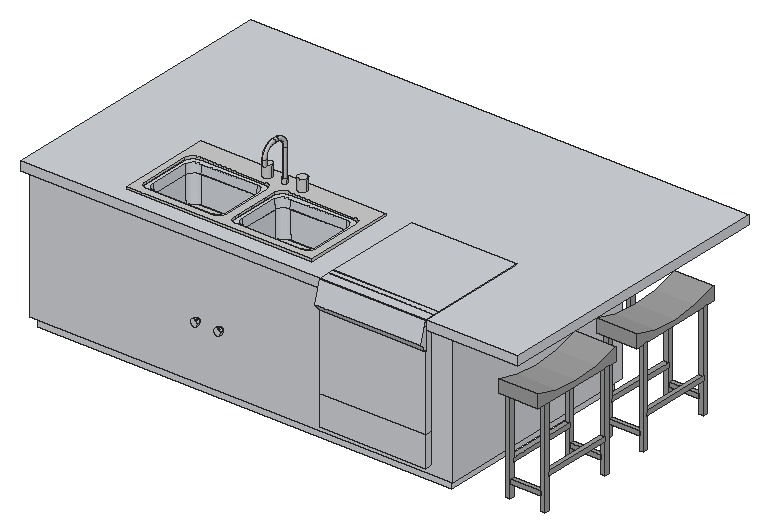
Revit family
Parameters (values of type "8'x4'")
  Depth = 4' - 0"
  Height = 3' - 0"
  Width = 8' - 0"
  Assembly Code = ""
Reference planes (in)
  plane 1 "Back": y = 0
  plane 2: z = 0
  plane 3 "Center (Left/Right)": x = 0.7377
  plane 4 "Left": x = -47.2623
  plane 5 "Right": x = 48.7377
  plane 6 "Front": y = -48
  plane 7 "Top": z = 36
  plane 8: x = -22.2623
Forms (in)
  Extrusion 1, solid
    sketch origin (0, 0, 0) x (1, 0, 0) y (0, 1, 0)
      loop
        line (-47.2623, 0) -> (-47.2623, -48) -> (48.7377, -48) -> (48.7377, 0) -> (-47.2623, 0)
    from 0 to 32
  Extrusion 2, solid
    sketch origin (0, -9, 0) x (1, 0, 0) y (0, 1, 0)
      loop
        line (-48.2623, 25) -> (-48.2623, -40.40625) -> (64.7377, -40.40625) -> (64.7377, 25) -> (-48.2623, 25)
    from 32 to 34
  Extrusion 3, void
    sketch origin (0, 0, 0) x (1, 0, 0) y (0, 1, 0)
      loop
        line (-47.2623, 0) -> (-47.2623, -48) -> (48.7377, -48) -> (48.7377, 0) -> (-47.2623, 0)
      loop
        line (-46.2623, -1) -> (-46.2623, -47) -> (47.7377, -47) -> (47.7377, -1) -> (-46.2623, -1)
    from 0 to 2
  Extrusion 4, void
    sketch origin (16, -24.25, 0) x (1, 0, 0) y (0, 0, 1)
      loop
        line (-44.2623, 30) -> (-44.2623, 4) -> (-0.2623, 4) -> (-0.2623, 30) -> (-44.2623, 30)
      loop
        line (-1.0123, 29.75) -> (-21.7623, 29.75) -> (-21.7623, 4.25) -> (-1.0123, 4.25) -> (-1.0123, 29.75)
      loop
        line (-43.5123, 29.75) -> (-43.5123, 4.25) -> (-22.7623, 4.25) -> (-22.7623, 29.75) -> (-43.5123, 29.75)
    from 23.75 to 24
  Extrusion 5, solid
    sketch origin (16, -24.25, 0) x (1, 0, 0) y (0, 0, 1)
      loop
        circle (-19.6373, 14.86482) r 0.75
      loop
        circle (-24.8873, 14.86482) r 0.75
    from 24 to 25
  Extrusion 6, void
    sketch origin (16, -24.25, 0) x (1, 0, 0) y (0, 0, 1)
      loop
        circle (-19.6373, 14.86482) r 0.75
      loop
        circle (-19.6373, 14.86482) r 0.5
      loop
        circle (-24.8873, 14.86482) r 0.75
      loop
        circle (-24.8873, 14.86482) r 0.5
    from 24 to 24.5
  Blend 7, void
    base sketch origin (17.5, 0, 0) x (1, 0, 0) y (0, 1, 0)
      loop
        arc (-39.7623, -30.5) -> (-41.17651, -31.08579) -> (-41.7623, -32.5) r 2
        line (-41.7623, -32.5) -> (-41.7623, -40.75)
        arc (-41.7623, -40.75) -> (-41.17651, -42.16421) -> (-39.7623, -42.75) r 2
        line (-39.7623, -42.75) -> (-28.0123, -42.75)
        arc (-28.0123, -42.75) -> (-26.59808, -42.16421) -> (-26.0123, -40.75) r 2
        line (-26.0123, -40.75) -> (-26.0123, -32.5)
        arc (-26.0123, -32.5) -> (-26.59808, -31.08579) -> (-28.0123, -30.5) r 2
        line (-28.0123, -30.5) -> (-39.7623, -30.5)
    top sketch origin (17.5, 0, 0) x (1, 0, 0) y (0, 1, 0)
      loop
        arc (-41.2623, -29) -> (-42.67651, -29.58579) -> (-43.2623, -31) r 2
        line (-43.2623, -31) -> (-43.2623, -42)
        arc (-43.2623, -42) -> (-42.67651, -43.41421) -> (-41.2623, -44) r 2
        line (-41.2623, -44) -> (-26.5123, -44)
        arc (-26.5123, -44) -> (-25.09808, -43.41421) -> (-24.5123, -42) r 2
        line (-24.5123, -42) -> (-24.5123, -31)
        arc (-24.5123, -31) -> (-25.09808, -29.58579) -> (-26.5123, -29) r 2
        line (-26.5123, -29) -> (-41.2623, -29)
    from 22 to 60
  Blend 8, void
    base sketch origin (-30.02459, 0, 0) x (-1, 0, 0) y (0, -1, 0)
      loop
        line (-39.7623, 30.5) -> (-28.0123, 30.5)
        arc (-28.0123, 30.5) -> (-26.59808, 31.08579) -> (-26.0123, 32.5) r 2
        line (-26.0123, 32.5) -> (-26.0123, 40.75)
        arc (-26.0123, 40.75) -> (-26.59808, 42.16421) -> (-28.0123, 42.75) r 2
        line (-28.0123, 42.75) -> (-39.7623, 42.75)
        arc (-39.7623, 42.75) -> (-41.17651, 42.16421) -> (-41.7623, 40.75) r 2
        line (-41.7623, 40.75) -> (-41.7623, 32.5)
        arc (-41.7623, 32.5) -> (-41.17651, 31.08579) -> (-39.7623, 30.5) r 2
    top sketch origin (-30.02459, 0, 0) x (-1, 0, 0) y (0, -1, 0)
      loop
        line (-41.2623, 29) -> (-26.5123, 29)
        arc (-26.5123, 29) -> (-25.09808, 29.58579) -> (-24.5123, 31) r 2
        line (-24.5123, 31) -> (-24.5123, 42)
        arc (-24.5123, 42) -> (-25.09808, 43.41421) -> (-26.5123, 44) r 2
        line (-26.5123, 44) -> (-41.2623, 44)
        arc (-41.2623, 44) -> (-42.67651, 43.41421) -> (-43.2623, 42) r 2
        line (-43.2623, 42) -> (-43.2623, 31)
        arc (-43.2623, 31) -> (-42.67651, 29.58579) -> (-41.2623, 29) r 2
    from 22 to 60
Cuts and joins
  Extrusion 3, Extrusion 4, Extrusion 6, Blend 7, Blend 8 cuts Extrusion 1
  Extrusion 3, Extrusion 4, Extrusion 6, Blend 7, Blend 8 cuts Extrusion 2
  Extrusion 6 cuts Extrusion 5
Lines and regions (in)
  model lines
    curve 1: line (-28.2623, -48, 30) -> (-28.2623, -48.25, 30)
    curve 2: line (15.7377, -48, 30) -> (-28.2623, -48, 30)
    curve 3: line (15.7377, -48, 4) -> (15.7377, -48, 30)
    curve 4: line (14.9877, -48, 29.75) -> (14.9877, -48, 4.25)
    curve 5: line (-5.7623, -48, 29.75) -> (14.9877, -48, 29.75)
    curve 6: line (-28.2623, -48, 4) -> (15.7377, -48, 4)
    curve 7: line (14.9877, -48, 4.25) -> (-5.7623, -48, 4.25)
    curve 8: line (-5.7623, -48, 4.25) -> (-5.7623, -48, 29.75)
    curve 9: line (-6.7623, -48, 29.75) -> (-6.7623, -48, 4.25)
    curve 10: line (-6.7623, -48, 4.25) -> (-27.5123, -48, 4.25)
    curve 11: line (-27.5123, -48, 4.25) -> (-27.5123, -48, 29.75)
    curve 12: line (-28.2623, -48, 30) -> (-28.2623, -48, 4)
    curve 13: line (-27.5123, -48, 29.75) -> (-6.7623, -48, 29.75)
Dimensions and locks (in)
  "Depth": plane 6 "Front" to plane 1 "Back"
  "Width": plane 4 "Left" to plane 5 "Right"
  equal spacing: plane 4 "Left", plane 3 "Center (Left/Right)", plane 5 "Right"
  "Height": level to plane 7 "Top"
  cut or joined group of Extrusion 1, Extrusion 3, Extrusion 4, Extrusion 6, Blend 7, Blend 8 to cut or joined group of Extrusion 1, Extrusion 3, Extrusion 4, Extrusion 6, Blend 7, Blend 8 = 8' - 0"
  Extrusion 4 sketch curve to Extrusion 4 sketch curve = 3' - 8"
Automatic sketch dimensions
  Extrusion 1 sketch curve to plane 4 "Left" = 0' - 0"
  Extrusion 1 sketch curve to plane 5 "Right" = 0' - 0"
  Extrusion 1 sketch curve to plane 6 "Front" = 0' - 0"
  Extrusion 1 sketch curve to plane 1 "Back" = 0' - 0"
  plane 4 "Left" to Extrusion 2 sketch curve = 0' - 1"
  Extrusion 2 sketch curve to plane 5 "Right" = 1' - 4"
  plane 6 "Front" to Extrusion 2 sketch curve = 0' - 1 13/32"
  Extrusion 2 sketch curve to plane 1 "Back" = 1' - 4"
  Extrusion 3 sketch curve to plane 4 "Left" = 0' - 0"
  Extrusion 3 sketch curve to plane 1 "Back" = 0' - 0"
  Extrusion 3 sketch curve to plane 5 "Right" = 0' - 0"
  Extrusion 3 sketch curve to plane 6 "Front" = 0' - 0"
  Extrusion 3 sketch curve to plane 4 "Left" = 0' - 1"
  plane 5 "Right" to Extrusion 3 sketch curve = 0' - 1"
  Extrusion 3 sketch curve to plane 6 "Front" = 0' - 1"
  plane 1 "Back" to Extrusion 3 sketch curve = 0' - 1"
  Extrusion 4 sketch curve to Extrusion 4 sketch curve = 0' - 0 3/4"  (x2)
  Extrusion 4 sketch curve to plane 8 = 1' - 3 1/2"
  Extrusion 4 sketch curve to plane 8 = 1' - 4 1/2"
  level to Extrusion 4 sketch curve = 0' - 4"
  level to Extrusion 4 sketch curve = 0' - 4 1/4"
  Extrusion 4 sketch curve to Extrusion 4 sketch curve = 0' - 0 1/4"  (x2)
  plane 7 "Top" to Extrusion 4 sketch curve = 0' - 6 1/4"  (x2)
  Extrusion 5 sketch curve to plane 8 = 1' - 1 3/8"
  Extrusion 5 sketch curve to plane 8 = 1' - 6 5/8"
  level to Extrusion 5 sketch curve = 1' - 2.86482"
  Extrusion 5 sketch curve to Extrusion 5 sketch curve = 0' - 0"
  Extrusion 6 sketch curve to Extrusion 6 sketch curve = 0' - 0"  (x5)
  Extrusion 6 sketch curve to plane 8 = 1' - 1 3/8"
  Extrusion 6 sketch curve to plane 8 = 1' - 6 5/8"
  level to Extrusion 6 sketch curve = 1' - 2.86482"
  Blend 7 sketch curve to plane 4 "Left" = 1' - 11"
  Blend 7 sketch curve to Blend 7 sketch curve = 0' - 2"  (x6)
  Blend 7 sketch curve to plane 8 = 0' - 11 3/4"  (x2)
  Blend 7 sketch curve to plane 6 "Front" = 0' - 5 1/4"
  Blend 7 sketch curve to Blend 7 sketch curve = 0' - 8 1/4"
  Blend 7 sketch curve to plane 4 "Left" = 1' - 9 1/2"
  Blend 7 sketch curve to plane 8 = 1' - 1 1/4"  (x2)
  Blend 7 sketch curve to plane 6 "Front" = 0' - 4"
  Blend 7 sketch curve to Blend 7 sketch curve = 0' - 11"
  Blend 8 sketch curve to plane 3 "Center (Left/Right)" = 0' - 11"
  Blend 8 sketch curve to Blend 8 sketch curve = 0' - 2"  (x4)
  plane 8 to Blend 8 sketch curve = 1' - 8 1/4"  (x2)
  plane 8 to Blend 8 sketch curve = 1' - 6 1/4"
  plane 6 "Front" to Blend 8 sketch curve = 0' - 5 1/4"
  Blend 8 sketch curve to Blend 8 sketch curve = 0' - 8 1/4"
  Blend 8 sketch curve to plane 3 "Center (Left/Right)" = 1' - 0 1/2"
  plane 8 to Blend 8 sketch curve = 1' - 6 3/4"  (x2)
  plane 8 to Blend 8 sketch curve = 1' - 4 3/4"
  plane 6 "Front" to Blend 8 sketch curve = 0' - 4"
  Blend 8 sketch curve to Blend 8 sketch curve = 0' - 11"
  Extrusion 4 sketch curve to plane 4 "Left" = 1' - 7 3/4"
  curve 1 to Extrusion 4 = 0' - 0"  (x3)
  curve 2 to Extrusion 4 = 0' - 0"  (x2)
  curve 3 to Extrusion 4 = 0' - 0"  (x2)
  curve 4 to Extrusion 4 = 0' - 0"  (x2)
  curve 5 to Extrusion 4 = 0' - 0"
  curve 7 to Extrusion 4 = 0' - 0"
  curve 9 to Extrusion 4 = 0' - 0"  (x2)
  curve 13 to Extrusion 4 = 0' - 0"  (x2)
  radius of Extrusion 5 sketch curve = 0' - 0 3/4"  (x2)
  radius of Extrusion 6 sketch curve = 0' - 0 3/4"  (x2)
  radius of Extrusion 6 sketch curve = 0' - 0 1/2"  (x2)
Nested families (in)
  nested 1: "STool" at (0.7377, 17.5, 0), type "STool"
  nested 2: "STool" at (28.7377, 17.5, 0) x (-1, 0, 0) z (0, 0, 1), type "STool"
  nested 3: "STool" at (-27.2623, 17.5, 0), type "STool"
  nested 4: "Sink Kitchen-Double" at (-6.87998, -35.09234, -2), type "42" x 21""
  nested 5: "STool" at (66.08973, -6.37836, 0) x (0, -1, 0) z (0, 0, 1), type "STool"
  nested 6: "STool" at (66.08973, -34.37836, 0) x (0, 1, 0) z (0, 0, 1), type "STool"
  nested 7: "Dishwasherrfa_5486" at (31.7377, -23.40625, 0) x (0, -1, 0) z (0, 0, 1), type "26"x24""
    with Flow Pressure 8.00 psi
Definition of nested family "STool"
  Reference planes (in)
    plane 1 "Center F/B": y = 0
    plane 2: z = 0
    plane 3 "Center L/R": x = 0
  Forms (in)
    Extrusion 1, solid, material "Default"
      sketch origin (0, 0, 0) x (1, 0, 0) y (0, 0, 1)
        loop
          line (-11, 22) -> (11, 22) -> (11, 25)
          arc (11, 25) -> (0, 22.99053) -> (-11, 25) r 31.11217
          line (-11, 25) -> (-11, 22)
      from 0 to 9
    Extrusion 2, solid, material "Default"
      sketch origin (0, 0, 0) x (1, 0, 0) y (0, 0, 1)
        loop
          line (9, 22) -> (8, 22) -> (8, 0) -> (9, 0) -> (9, 22)
      from 0 to 1
    Extrusion 3, solid, material "Default"
      sketch origin (0, 0, 0) x (1, 0, 0) y (0, 0, 1)
        loop
          line (8, 8) -> (-8, 8) -> (-8, 7) -> (8, 7) -> (8, 8)
      from 0 to 1
    Extrusion 4, solid, material "Default"
      sketch origin (0, 0, 0) x (1, 0, 0) y (0, 0, 1)
        loop
          line (-8, 22) -> (-9, 22) -> (-9, 0) -> (-8, 0) -> (-8, 22)
      from 0 to 1
    Extrusion 5, solid, material "Default"
      sketch origin (0, 0, 0) x (1, 0, 0) y (0, 0, 1)
        loop
          line (-9, 22) -> (-9, 0) -> (-8, 0) -> (-8, 22) -> (-9, 22)
      from 9 to 8
    Extrusion 6, solid, material "Default"
      sketch origin (0, 0, 0) x (1, 0, 0) y (0, 0, 1)
        loop
          line (8, 22) -> (8, 0) -> (9, 0) -> (9, 22) -> (8, 22)
      from 9 to 8
    Extrusion 7, solid, material "Default"
      sketch origin (0, 0, 0) x (1, 0, 0) y (0, 0, 1)
        loop
          line (-8, 8) -> (-8, 7) -> (8, 7) -> (8, 8) -> (-8, 8)
      from 9 to 8
    Extrusion 8, solid, material "Default"
      sketch origin (0, 0, 0) x (0, 1, 0) y (0, 0, 1)
        loop
          line (-1, 4) -> (-8, 4) -> (-8, 3) -> (-1, 3) -> (-1, 4)
      from 8 to 9
    Extrusion 9, solid, material "Default"
      sketch origin (0, 0, 0.00706) x (0, 1, 0) y (0, 0, 1)
        loop
          line (-8, 4) -> (-8, 3) -> (-1, 3) -> (-1, 4) -> (-8, 4)
      from -9 to -8
  Lines and regions (in)
    model lines
      curve 1: line (-9, 0, 0) -> (-9, 0, 22)
      curve 2: line (-9, 0, 22) -> (-8, 0, 22)
      curve 3: line (-8, 0, 22) -> (-8, 0, 0)
      curve 4: line (-9, 0, 0) -> (-8, 0, 0)
      curve 5: line (8, 0, 0) -> (8, 0, 22)
      curve 6: line (8, 0, 22) -> (9, 0, 22)
      curve 7: line (9, 0, 22) -> (9, 0, 0)
      curve 8: line (8, 0, 0) -> (9, 0, 0)
      curve 9: line (-8, 0, 7) -> (8, 0, 7)
      curve 10: line (8, 0, 8) -> (-8, 0, 8)
      curve 11: line (-8, 0, 8) -> (-8, 0, 7)
      curve 12: line (-11, 0, 22) -> (11, 0, 22)
      curve 13: line (11, 0, 22) -> (11, 0, 25)
      curve 14: arc (11, 0, 25) -> (0, 0, 22.99053) -> (-11, 0, 25) r 31.11217
      curve 15: line (-11, 0, 25) -> (-11, 0, 22)
Definition of nested family "Sink Kitchen-Double"
  Parameters (values of type "42" x 21"")
    Assembly Code = "D2010410"
    Counter Height = 3' - 0"
    Depth = 1' - 9"
    Faucet Material = Metal - Steel, Polished
    Sink Material = Metal - Steel, Polished
    Width = 3' - 6"
  Reference planes (in)
    plane 1 "Center (Front/Back)": y = -1.40766
    plane 2: z = 0
    plane 3 "Center (Left/Right)": x = 0.61769
    plane 4: y = 10.59234
    plane 5: y = -10.40766
    plane 6: x = -20.38231
    plane 7: x = 21.61769
    plane 8 "Top Of Counter": z = 36
    plane 9: z = 36.5
    plane 10: z = 27.5
    plane 11: y = 6.09234
    plane 12: x = -18.88231
    plane 13: y = -8.90766
    plane 14: x = 20.11769
    plane 15: x = -3.38231
    plane 16: x = 4.61769
    plane 17: y = 8.34234
    plane 18: y = 8.34234
    plane 19: y = 8.34234
    plane 20: z = 46.375
    plane 21: y = 2.46734
    plane 22: z = 39
    plane 23: z = 37.5
    plane 24: x = -0.13231
    plane 25: x = 1.36769
    plane 26: x = -9.13231
    plane 27: x = 10.36769
    plane 28: z = 27.875
  Forms (in)
    Extrusion 1, solid, material "Metal - Steel, Polished" <- "Sink Material"
      sketch origin (0, 0, 0) x (1, 0, 0) y (0, 1, 0)
        loop
          line (-20.38231, 10.59234) -> (-20.38231, -10.40766) -> (21.61769, -10.40766) -> (21.61769, 10.59234) -> (-20.38231, 10.59234)
        loop
          arc (-16.88231, 6.09234) -> (-18.29653, 5.50655) -> (-18.88231, 4.09234) r 2
          line (-18.88231, 4.09234) -> (-18.88231, -6.90766)
          arc (-18.88231, -6.90766) -> (-18.29653, -8.32187) -> (-16.88231, -8.90766) r 2
          line (-16.88231, -8.90766) -> (-2.13231, -8.90766)
          arc (-2.13231, -8.90766) -> (-0.7181, -8.32187) -> (-0.13231, -6.90766) r 2
          line (-0.13231, -6.90766) -> (-0.13231, 4.09234)
          arc (-0.13231, 4.09234) -> (-0.7181, 5.50655) -> (-2.13231, 6.09234) r 2
          line (-2.13231, 6.09234) -> (-16.88231, 6.09234)
        loop
          arc (18.11769, -8.90766) -> (19.5319, -8.32187) -> (20.11769, -6.90766) r 2
          line (20.11769, -6.90766) -> (20.11769, 4.09234)
          arc (20.11769, 4.09234) -> (19.5319, 5.50655) -> (18.11769, 6.09234) r 2
          line (18.11769, 6.09234) -> (3.36769, 6.09234)
          arc (3.36769, 6.09234) -> (1.95347, 5.50655) -> (1.36769, 4.09234) r 2
          line (1.36769, 4.09234) -> (1.36769, -6.90766)
          arc (1.36769, -6.90766) -> (1.95347, -8.32187) -> (3.36769, -8.90766) r 2
          line (3.36769, -8.90766) -> (18.11769, -8.90766)
      from 36 to 36.5
    Sweep 2, solid, material "Metal - Steel, Polished" <- "Sink Material"
      path origin (0, 0, 0) x (1, 0, 0) y (0, 1, 0)
        loop
          arc (-16.88231, 6.09234) -> (-18.29653, 5.50655) -> (-18.88231, 4.09234) r 2
          line (-18.88231, 4.09234) -> (-18.88231, -6.90766)
          arc (-18.88231, -6.90766) -> (-18.29653, -8.32187) -> (-16.88231, -8.90766) r 2
          line (-16.88231, -8.90766) -> (-2.13231, -8.90766)
          arc (-2.13231, -8.90766) -> (-0.7181, -8.32187) -> (-0.13231, -6.90766) r 2
          line (-0.13231, -6.90766) -> (-0.13231, 4.09234)
          arc (-0.13231, 4.09234) -> (-0.7181, 5.50655) -> (-2.13231, 6.09234) r 2
          line (-2.13231, 6.09234) -> (-16.88231, 6.09234)
      profile origin (-9.50731, 0, 0) x (0, 1, 0) y (0, 0, 1)
        loop
          line (6.09234, 36) -> (5.44139, 28.55963)
          arc (5.44139, 28.55963) -> (5.20094, 28.07204) -> (4.69424, 27.875) r 0.75
          line (4.69424, 27.875) -> (4.59234, 27.875) -> (4.59234, 27.5) -> (6.34234, 27.5) -> (6.34234, 36) -> (6.09234, 36)
    Extrusion 3, solid, material "Metal - Steel, Polished" <- "Sink Material"
      sketch origin (0, 0, 0) x (1, 0, 0) y (0, 1, 0)
        loop
          arc (-16.88231, 4.59234) -> (-17.23587, 4.44589) -> (-17.38231, 4.09234) r 0.5
          line (-17.38231, 4.09234) -> (-17.38231, -6.90766)
          arc (-17.38231, -6.90766) -> (-17.23587, -7.26121) -> (-16.88231, -7.40766) r 0.5
          line (-16.88231, -7.40766) -> (-2.13231, -7.40766)
          arc (-2.13231, -7.40766) -> (-1.77876, -7.26121) -> (-1.63231, -6.90766) r 0.5
          line (-1.63231, -6.90766) -> (-1.63231, 4.09234)
          arc (-1.63231, 4.09234) -> (-1.77876, 4.44589) -> (-2.13231, 4.59234) r 0.5
          line (-2.13231, 4.59234) -> (-16.88231, 4.59234)
        loop
          circle (-9.13231, -1.40766) r 1
      from 27.5 to 27.875
    Extrusion 4, solid, material "Metal - Steel, Polished" <- "Faucet Material"
      sketch origin (0, 0, 0) x (1, 0, 0) y (0, 1, 0)
        loop
          circle (-3.38231, 8.34234) r 1
        loop
          circle (4.61769, 8.34234) r 1
      from 36.5 to 39
    Sweep 5, solid, material "Metal - Steel, Polished" <- "Faucet Material"
      path origin (0.61769, 0, 0) x (0, 1, 0) y (0, 0, 1)
        loop
          line (8.34234, 36.5) -> (8.34234, 43.875)
          arc (8.34234, 43.875) -> (7.61011, 45.64277) -> (5.84234, 46.375) r 2.5
          line (5.84234, 46.375) -> (4.96734, 46.375)
          arc (4.96734, 46.375) -> (3.19957, 45.64277) -> (2.46734, 43.875) r 2.5
          line (2.46734, 43.875) -> (2.46734, 42.5)
      profile origin (0.61769, 0, 40.1875) x (0, -1, 0) y (1, 0, 0)
        loop
          circle (-8.34234, 0) r 0.375
    Extrusion 6, solid, material "Metal - Steel, Polished" <- "Faucet Material"
      sketch origin (0, 0, 0) x (1, 0, 0) y (0, 1, 0)
        loop
          circle (0.61769, 8.34234) r 0.5
      from 36.5 to 37.5
    Sweep 7, solid, material "Metal - Steel, Polished" <- "Sink Material"
      path origin (1.23537, 0, 0) x (-1, 0, 0) y (0, -1, 0)
        loop
          line (-16.88231, -6.09234) -> (-2.13231, -6.09234)
          arc (-2.13231, -6.09234) -> (-0.7181, -5.50655) -> (-0.13231, -4.09234) r 2
          line (-0.13231, -4.09234) -> (-0.13231, 6.90766)
          arc (-0.13231, 6.90766) -> (-0.7181, 8.32187) -> (-2.13231, 8.90766) r 2
          line (-2.13231, 8.90766) -> (-16.88231, 8.90766)
          arc (-16.88231, 8.90766) -> (-18.29653, 8.32187) -> (-18.88231, 6.90766) r 2
          line (-18.88231, 6.90766) -> (-18.88231, -4.09234)
          arc (-18.88231, -4.09234) -> (-18.29653, -5.50655) -> (-16.88231, -6.09234) r 2
      profile origin (10.74269, 0, 0) x (0, -1, 0) y (0, 0, 1)
        loop
          line (-6.09234, 36) -> (-6.34234, 36) -> (-6.34234, 27.5) -> (-4.59234, 27.5) -> (-4.59234, 27.875) -> (-4.69424, 27.875)
          arc (-4.69424, 27.875) -> (-5.20094, 28.07204) -> (-5.44139, 28.55963) r 0.75
          line (-5.44139, 28.55963) -> (-6.09234, 36)
    Extrusion 8, solid, material "Metal - Steel, Polished" <- "Sink Material"
      sketch origin (0, 0, 0) x (1, 0, 0) y (0, 1, 0)
        loop
          arc (3.36769, 4.69424) -> (3.01413, 4.5478) -> (2.86769, 4.19424) r 0.5
          line (2.86769, 4.19424) -> (2.86769, -6.90766)
          arc (2.86769, -6.90766) -> (3.01413, -7.26121) -> (3.36769, -7.40766) r 0.5
          line (3.36769, -7.40766) -> (18.11769, -7.40766)
          arc (18.11769, -7.40766) -> (18.47124, -7.26121) -> (18.61769, -6.90766) r 0.5
          line (18.61769, -6.90766) -> (18.61769, 4.19424)
          arc (18.61769, 4.19424) -> (18.47124, 4.5478) -> (18.11769, 4.69424) r 0.5
          line (18.11769, 4.69424) -> (3.36769, 4.69424)
        loop
          circle (10.36769, -1.40766) r 1
      from 27.5 to 27.875
  Cuts and joins
    joined: Extrusion 1, Sweep 2, Sweep 7
    joined: Sweep 5, Extrusion 6
  Lines and regions (in)
    Masking region 1
      outline origin (0, 0, 36) x (0, -1, 0) y (1, 0, 0)
        loop
          line (-10.59234, -20.38231) -> (10.40766, -20.38231) -> (10.40766, 21.61769) -> (-10.59234, 21.61769) -> (-10.59234, -20.38231)
    symbolic lines
      curve 1: line (-18.88231, 4.09234, 36) -> (-18.88231, -6.90766, 36)
      curve 2: line (-16.88231, -8.90766, 36) -> (-2.13231, -8.90766, 36)
      curve 3: line (20.11769, -6.90766, 36) -> (20.11769, 4.09234, 36)
      curve 4: line (18.11769, 6.09234, 36) -> (3.36769, 6.09234, 36)
      curve 5: arc (20.11769, 4.09234, 36) -> (19.5319, 5.50655, 36) -> (18.11769, 6.09234, 36) r 2
      curve 6: arc (18.11769, -8.90766, 36) -> (19.5319, -8.32187, 36) -> (20.11769, -6.90766, 36) r 2
      curve 7: arc (-18.88231, -6.90766, 36) -> (-18.29653, -8.32187, 36) -> (-16.88231, -8.90766, 36) r 2
      curve 8: arc (-16.88231, 6.09234, 36) -> (-18.29653, 5.50655, 36) -> (-18.88231, 4.09234, 36) r 2
      curve 9: arc (1.11769, 8.34234, 36) -> (0.61769, 8.84234, 36) -> (0.11769, 8.34234, 36) r 0.5
      curve 10: line (0.11769, 8.34234, 36) -> (0.11769, 0.59234, 36)
      curve 11: line (1.11769, 8.34234, 36) -> (1.11769, 0.59234, 36)
      curve 12: arc (1.11769, 0.59234, 36) -> (0.61769, 0.09234, 36) -> (0.11769, 0.59234, 36) r 0.5
      curve 13: line (-0.13231, 4.09234, 36) -> (-0.13231, -6.90766, 36)
      curve 14: line (1.36769, 4.09234, 36) -> (1.36769, -6.90766, 36)
      curve 15: line (3.36769, -8.90766, 36) -> (18.11769, -8.90766, 36)
      curve 16: line (-2.13231, 6.09234, 36) -> (-16.88231, 6.09234, 36)
      curve 17: arc (3.36769, 6.09234, 36) -> (1.95347, 5.50655, 36) -> (1.36769, 4.09234, 36) r 2
      curve 18: arc (1.36769, -6.90766, 36) -> (1.95347, -8.32187, 36) -> (3.36769, -8.90766, 36) r 2
      curve 19: arc (-0.13231, -6.90766, 36) -> (-0.7181, -8.32187, 36) -> (-2.13231, -8.90766, 36) r 2
      curve 20: arc (-0.13231, 4.09234, 36) -> (-0.7181, 5.50655, 36) -> (-2.13231, 6.09234, 36) r 2
      curve 21: arc (-10.13231, -1.40766, 36) -> (-9.13231, -0.40766, 36) -> (-8.13231, -1.40766, 36) r 1
      curve 22: arc (-8.13231, -1.40766, 36) -> (-9.13231, -2.40766, 36) -> (-10.13231, -1.40766, 36) r 1
      curve 23: arc (9.36769, -1.40766, 36) -> (10.36769, -0.40766, 36) -> (11.36769, -1.40766, 36) r 1
      curve 24: arc (11.36769, -1.40766, 36) -> (10.36769, -2.40766, 36) -> (9.36769, -1.40766, 36) r 1
      curve 25: arc (-4.38231, 8.34234, 36) -> (-3.38231, 7.34234, 36) -> (-2.38231, 8.34234, 36) r 1
      curve 26: arc (-2.38231, 8.34234, 36) -> (-3.38231, 9.34234, 36) -> (-4.38231, 8.34234, 36) r 1
      curve 27: arc (3.61769, 8.34234, 36) -> (4.61769, 7.34234, 36) -> (5.61769, 8.34234, 36) r 1
      curve 28: arc (5.61769, 8.34234, 36) -> (4.61769, 9.34234, 36) -> (3.61769, 8.34234, 36) r 1
  Dimensions and locks (in)
    equal spacing: plane 6, plane 3 "Center (Left/Right)", plane 7
    "Width": plane 6 to plane 7
    "Depth": plane 5 to plane 4
    "Counter Height": plane 8 "Top Of Counter" to plane 2
    locked: plane 9 to plane 8 "Top Of Counter" at 0.5
    locked: plane 8 "Top Of Counter" to plane 10 at 8.5
    locked: plane 6 to plane 12 at 1.5
    locked: plane 14 to plane 7 at 1.5
    locked: plane 11 to plane 4 at 4.5
    locked: plane 5 to plane 13 at 1.5
    equal spacing: plane 11, plane 17, plane 4
    equal spacing: plane 11, plane 18, plane 4
    equal spacing: plane 4, plane 19, plane 11
    locked: plane 19 to plane 21 at 5.875
    locked: plane 20 to plane 9 at 9.875
    locked: plane 22 to plane 9 at 2.5
    locked: plane 23 to plane 9 at 1
    plane 24 to plane 3 "Center (Left/Right)" to plane 25 = 0' - 0 3/4" locked, 0' - 0 3/4" locked
    equal spacing: plane 12, plane 26, plane 3 "Center (Left/Right)"
    equal spacing: plane 3 "Center (Left/Right)", plane 27, plane 14
    equal spacing: plane 13, plane 1 "Center (Front/Back)", plane 11
    locked: plane 15 to plane 3 "Center (Left/Right)" at 4
    locked: plane 3 "Center (Left/Right)" to plane 16 at 4
    locked: plane 28 to plane 10 at 0.375
    aligned and locked: Extrusion 1 sketch curve to plane 5
    aligned and locked: plane 7 to Extrusion 1 sketch curve
    aligned and locked: plane 4 to Extrusion 1 sketch curve
    aligned and locked: Extrusion 1 sketch curve to plane 6
    aligned and locked: plane 8 "Top Of Counter" to Extrusion 1
    aligned and locked: Extrusion 1 to plane 9
    aligned and locked: plane 11 to Extrusion 1 sketch curve
    aligned and locked: plane 14 to Extrusion 1 sketch curve
    aligned and locked: Extrusion 1 sketch curve to plane 12
    aligned and locked: Extrusion 1 sketch curve to plane 13
    aligned and locked: plane 11 to Sweep 2 sketch curve
    aligned and locked: Sweep 2 sketch curve to plane 12
    aligned and locked: Sweep 2 sketch curve to plane 13
    aligned and locked: Sweep 2 to Extrusion 3 sketch curve  (x4)
    aligned and locked: plane 10 to Extrusion 3
    aligned and locked: Sweep 2 sketch curve to plane 10
    aligned and locked: plane 8 "Top Of Counter" to Sweep 2 sketch curve
    aligned and locked: Extrusion 4 to Extrusion 1
    aligned and locked: Extrusion 6 to Extrusion 1
    aligned and locked: Sweep 5 sketch curve to plane 19
    aligned and locked: plane 20 to Sweep 5 sketch curve
    aligned and locked: plane 21 to Sweep 5 sketch curve
    aligned and locked: Extrusion 4 to plane 22
    aligned and locked: Extrusion 6 to plane 23
    aligned and locked: Sweep 2 sketch curve to Extrusion 1
    aligned and locked: Sweep 7 sketch curve to plane 14
    aligned and locked: Sweep 7 sketch curve to Extrusion 1
    aligned and locked: Sweep 7 sketch curve to plane 11
    aligned and locked: plane 13 to Sweep 7 sketch curve
    aligned and locked: plane 10 to Extrusion 8
    aligned and locked: curve 21 to Extrusion 3
    aligned and locked: curve 23 to Extrusion 8
    aligned and locked: Extrusion 8 sketch curve to Sweep 7
    aligned and locked: Sweep 7 sketch curve to plane 8 "Top Of Counter"
    aligned and locked: plane 10 to Sweep 7 sketch curve
    aligned and locked: plane 4 to Masking region 1 sketch curve
    aligned and locked: plane 7 to Masking region 1 sketch curve
    aligned and locked: Masking region 1 sketch curve to plane 5
    aligned and locked: Masking region 1 sketch curve to plane 6
    aligned and locked: plane 15 to Extrusion 4 sketch curve
    aligned and locked: plane 17 to Extrusion 4 sketch curve  (x2)
    aligned and locked: plane 16 to Extrusion 4 sketch curve
    aligned and locked: curve 25 to Extrusion 4
    aligned and locked: curve 27 to Extrusion 4
    aligned and locked: Extrusion 3 to plane 28
    aligned and locked: Extrusion 8 to plane 28
  Automatic sketch dimensions
    Sweep 2 sketch curve to profile plane = 0' - 0"
    profile plane to Sweep 2 sketch curve = 0' - 0.65095"
    Sweep 2 sketch curve to Sweep 2 sketch curve = 0' - 0.74715"
    Sweep 2 sketch curve to Sweep 2 sketch curve = 0' - 0.10191"
    Sweep 2 sketch curve to profile plane = 0' - 0 1/4"
    Sweep 2 sketch curve to Sweep 2 sketch curve = 0' - 0 3/8"
    Sweep 2 sketch curve to Sweep 2 sketch curve = 0' - 0.68463"
    plane 15 to Extrusion 4 sketch curve = 0' - 1"
    plane 16 to Extrusion 4 sketch curve = 0' - 1"
    Sweep 5 sketch curve to plane 3 "Center (Left/Right)" = 0' - 0"
    Sweep 5 sketch curve to profile plane = 0' - 0"
    profile plane to Sweep 5 sketch curve = 0' - 0 3/8"
    Extrusion 6 sketch curve to plane 18 = 0' - 0"
    Extrusion 6 sketch curve to plane 3 "Center (Left/Right)" = 0' - 0"
    Extrusion 6 sketch curve to plane 3 "Center (Left/Right)" = 0' - 0 1/2"
    Sweep 5 sketch curve to plane 9 = 0' - 0"
    Sweep 5 sketch curve to Sweep 5 sketch curve = 0' - 2 1/2"
    plane 11 to Sweep 5 sketch curve = 0' - 0 1/4"
    Sweep 5 sketch curve to Sweep 5 sketch curve = 0' - 1 3/8"
    Extrusion 1 sketch curve to plane 13 = 0' - 0"
    Extrusion 1 sketch curve to plane 24 = 0' - 0"
    Extrusion 1 sketch curve to plane 25 = 0' - 0"
    Extrusion 1 sketch curve to plane 11 = 0' - 0"
    Extrusion 1 sketch curve to plane 12 = 0' - 2"  (x2)
    Extrusion 1 sketch curve to plane 3 "Center (Left/Right)" = 0' - 2 3/4"  (x2)
    plane 3 "Center (Left/Right)" to Extrusion 1 sketch curve = 0' - 2 3/4"  (x2)
    plane 14 to Extrusion 1 sketch curve = 0' - 2"
    Extrusion 1 sketch curve to Extrusion 1 sketch curve = 0' - 2"
    Sweep 2 sketch curve to plane 12 = 0' - 2"  (x2)
    Sweep 2 sketch curve to plane 3 "Center (Left/Right)" = 0' - 2 3/4"  (x2)
    plane 14 to Sweep 7 sketch curve = 0' - 2"  (x2)
    Sweep 7 sketch curve to Sweep 7 sketch curve = 0' - 2"
    plane 3 "Center (Left/Right)" to Sweep 7 sketch curve = 0' - 2 3/4"
    Extrusion 3 sketch curve to plane 1 "Center (Front/Back)" = 0' - 0"
    Extrusion 3 sketch curve to plane 26 = 0' - 0"
    Extrusion 3 sketch curve to Extrusion 3 sketch curve = 0' - 0 1/2"  (x4)
    plane 26 to Extrusion 3 sketch curve = 0' - 1"
    Extrusion 8 sketch curve to plane 1 "Center (Front/Back)" = 0' - 0"
    Extrusion 8 sketch curve to plane 27 = 0' - 0"
    plane 27 to Extrusion 8 sketch curve = 0' - 1"
    plane 3 "Center (Left/Right)" to Extrusion 8 sketch curve = 0' - 2 3/4"  (x2)
    Extrusion 8 sketch curve to Extrusion 8 sketch curve = 0' - 0 1/2"  (x2)
    plane 11 to Extrusion 8 sketch curve = 0' - 1.89809"
    Extrusion 8 sketch curve to plane 13 = 0' - 2"
    plane 7 to Extrusion 8 sketch curve = 0' - 3 1/2"
    Sweep 7 sketch curve to profile plane = 0' - 0"
    profile plane to Sweep 7 sketch curve = 0' - 0 1/4"
    Sweep 7 sketch curve to profile plane = 0' - 0.65095"
    Sweep 7 sketch curve to Sweep 7 sketch curve = 0' - 0.74715"
    Sweep 7 sketch curve to Sweep 7 sketch curve = 0' - 0.10191"
    Sweep 7 sketch curve to Sweep 7 sketch curve = 0' - 0.06537"
    Sweep 7 sketch curve to Sweep 7 sketch curve = 0' - 1.05963"
    curve 20 to plane 11 = 0' - 0"
    curve 17 to plane 11 = 0' - 0"
    curve 5 to plane 14 = 0' - 0"
    curve 1 to plane 12 = 0' - 0"
    curve 12 to plane 3 "Center (Left/Right)" = 0' - 0"
    curve 7 to plane 13 = 0' - 0"
    curve 18 to plane 13 = 0' - 0"
    plane 4 to curve 11 = 0' - 2 1/4"
    plane 11 to curve 5 = 0' - 2"
    plane 11 to curve 8 = 0' - 2"
    curve 13 to plane 3 "Center (Left/Right)" = 0' - 0 3/4"
    curve 14 to curve 13 = 0' - 0"
    curve 11 to plane 1 "Center (Front/Back)" = 0' - 2"
    plane 3 "Center (Left/Right)" to curve 14 = 0' - 0 3/4"
    curve 14 to plane 13 = 0' - 2"
    curve 13 to curve 14 = 0' - 0"
    curve 1 to plane 13 = 0' - 2"
    curve 6 to plane 13 = 0' - 2"
    curve 9 to plane 3 "Center (Left/Right)" = 0' - 0 1/2"
    curve 4 to curve 27 = 0' - 0 1/4"
Definition of nested family "Dishwasherrfa_5486"
  Parameters (values of type "26"x24"")
    Sanitary Radius = 1"
    Sanitary Diameter = Sanitary Radius * 2  # 2"
    WFU = 2
    Voltage = 120 V
    Overall Width = 2' - 0"
    Overall Length = 2' - 2"
    Overall Height = 2' - 10"
    Number of Poles = 2
    Hot Water Radius = 1/4"
    Hot Water Diameter = Hot Water Radius * 2  # 1/2"
    HWFU = 1.4
    HP = "0.5"
    Flow Pressure [instance] = 8.00 psi
    Dishwasher Material = none
    Cold Water Radius = 1/4"
    Cold Water Diameter = Cold Water Radius * 2  # 1/2"
    CWFU = 0
    Assembly Code = ""
    Apparent Load = 1092 VA
  Reference planes (in)
    plane 1 "Center (Front/Back)": y = 0
    plane 2: z = 0
    plane 3 "Center (Left/Right)": x = 0
    plane 4: y = 12
    plane 5: y = -12
    plane 6: x = 22.09375
    plane 7: z = 34
    plane 8: z = 3.75
    plane 9: x = 23.40625
    plane 10: x = 26
    plane 11: x = 27.3125
    plane 12: z = 29.25
    plane 13: z = 27.53125
    plane 14: z = 12
    plane 15: z = 4
    plane 16: y = -7.875
    plane 17: y = 0
    plane 18: y = -4.125
    plane 19: y = 3.875
    plane 20: z = 10.53125
  Forms (in)
    Extrusion 1, solid, material <- "Dishwasher Material"
      sketch origin (0, 0, 0) x (1, 0, 0) y (0, 1, 0)
        loop
          line (0, 12) -> (0, -12) -> (22.09375, -12) -> (22.09375, 12) -> (0, 12)
      from 0 to 34
    Extrusion 2, solid, material <- "Dishwasher Material"
      sketch origin (0, 0, 0) x (1, 0, 0) y (0, 0, 1)
        loop
          line (22.09375, 34) -> (22.09375, 3.75) -> (23.40625, 3.75) -> (23.40625, 34) -> (22.09375, 34)
      from -12 to 12
    Extrusion 3, solid, material <- "Dishwasher Material"
      sketch origin (0, 0, 0) x (1, 0, 0) y (0, 0, 1)
        loop
          line (23.40625, 34) -> (23.40625, 10.53125) -> (26, 10.53125) -> (26, 34) -> (23.40625, 34)
      from -12 to 12
    Extrusion 4, solid, material <- "Dishwasher Material"
      sketch origin (0.25, 0, 0) x (1, 0, 0) y (0, 0, 1)
        loop
          line (25.75, 34) -> (25.75, 27.53125) -> (27.0625, 29.25) -> (25.75, 34)
      from -12 to 12
    Extrusion 5, solid, material <- "Dishwasher Material"
      sketch origin (0, 0, 0) x (0, 1, 0) y (0, 0, 1)
        loop
          circle (-7.875, 4) r 2
        loop
          circle (0, 4) r 2
        loop
          circle (-4.125, 12) r 2
        loop
          circle (3.875, 12) r 2
      from 0 to 3.21385
    Extrusion 6, solid, material <- "Dishwasher Material"
      sketch origin (0, 0, 0) x (1, 0, 0) y (0, 0, 1)
        loop
          line (23.40625, 10.53125) -> (23.40625, 3.75) -> (26, 3.75) -> (26, 10.53125) -> (23.40625, 10.53125)
      from -12 to 12
  Cuts and joins
    joined: Extrusion 1, Extrusion 5
  Dimensions and locks (in)
    equal spacing: plane 4, plane 1 "Center (Front/Back)", plane 5
    "Overall Width": plane 4 to plane 5
    "Overall Height": plane 7 to plane 2
    locked: plane 9 to plane 6 at 1.3125
    "Overall Length": plane 10 to plane 3 "Center (Left/Right)"
    locked: plane 11 to plane 10 at 1.3125
    locked: plane 7 to plane 12 at 4.75
    locked: plane 7 to plane 13 at 6.46875
    locked: plane 14 to plane 2 at 12
    locked: plane 15 to plane 2 at 4
    locked: plane 16 to plane 5 at 4.125
    locked: plane 17 to plane 16 at 7.875
    locked: plane 18 to plane 5 at 7.875
    locked: plane 19 to plane 18 at 8
    "Overall Length": plane 3 "Center (Left/Right)" to plane 10
    locked: plane 6 to plane 10 at 3.90625
    locked: plane 8 to plane 2 at 3.75
    locked: plane 20 to plane 8 at 6.78125
    aligned and locked: plane 7 to Extrusion 1
    aligned and locked: Extrusion 1 to plane 2
    aligned and locked: Extrusion 1 to plane 3 "Center (Left/Right)"  (x2)
    aligned and locked: plane 6 to Extrusion 1  (x2)
    aligned and locked: plane 4 to Extrusion 1
    aligned and locked: Extrusion 1 to plane 5
    aligned and locked: plane 7 to Extrusion 2
    aligned and locked: Extrusion 2 to plane 8  (x2)
    aligned and locked: Extrusion 2 to plane 6  (x2)
    aligned and locked: plane 9 to Extrusion 2  (x2)
    aligned and locked: plane 4 to Extrusion 2
    aligned and locked: Extrusion 2 to plane 5
    aligned and locked: plane 7 to Extrusion 3
    aligned and locked: Extrusion 3 to plane 9  (x2)
    aligned and locked: plane 4 to Extrusion 3
    aligned and locked: Extrusion 3 to plane 5
    aligned and locked: plane 10 to Extrusion 3
    aligned and locked: Extrusion 4 to plane 10  (x2)
    aligned and locked: plane 11 to Extrusion 4
    aligned and locked: plane 4 to Extrusion 4
    aligned and locked: Extrusion 4 to plane 5
    aligned and locked: plane 14 to Extrusion 5 sketch curve  (x2)
    aligned and locked: plane 18 to Extrusion 5 sketch curve
    aligned and locked: plane 19 to Extrusion 5 sketch curve
    aligned and locked: plane 15 to Extrusion 5 sketch curve  (x2)
    aligned and locked: plane 17 to Extrusion 5 sketch curve
    aligned and locked: plane 16 to Extrusion 5 sketch curve
    aligned and locked: Extrusion 3 to plane 20
    aligned and locked: plane 20 to Extrusion 6
    aligned and locked: Extrusion 6 to plane 8
    aligned and locked: plane 4 to Extrusion 6
    aligned and locked: Extrusion 6 to plane 5
  Automatic sketch dimensions
    Extrusion 1 sketch curve to plane 3 "Center (Left/Right)" = 0' - 0"
    Extrusion 1 sketch curve to plane 5 = 0' - 0"
    Extrusion 1 sketch curve to plane 6 = 0' - 0"
    Extrusion 1 sketch curve to plane 4 = 0' - 0"
    Extrusion 2 sketch curve to plane 6 = 0' - 0"
    Extrusion 2 sketch curve to plane 8 = 0' - 0"
    Extrusion 2 sketch curve to plane 9 = 0' - 0"
    Extrusion 2 sketch curve to plane 7 = 0' - 0"
    plane 8 to Extrusion 3 sketch curve = 0' - 6 25/32"
    Extrusion 3 sketch curve to plane 9 = 0' - 0"
    Extrusion 3 sketch curve to plane 7 = 0' - 0"
    plane 10 to Extrusion 3 sketch curve = 0' - 0"
    plane 7 to Extrusion 4 sketch curve = 0' - 0"
    Extrusion 4 sketch curve to plane 10 = 0' - 0"
    Extrusion 4 sketch curve to plane 11 = 0' - 0"
    Extrusion 4 sketch curve to plane 13 = 0' - 0"
    Extrusion 4 sketch curve to plane 12 = 0' - 0"
    Extrusion 6 sketch curve to plane 8 = 0' - 0"
    Extrusion 6 sketch curve to plane 9 = 0' - 0"
    Extrusion 6 sketch curve to plane 10 = 0' - 0"
    Extrusion 6 sketch curve to plane 20 = 0' - 0"
    radius of Extrusion 5 sketch curve = 0' - 2"  (x4)
  Connectors (in)
    piping at (0, 3.875, 12), driven by "CWFU", driven by "Cold Water Radius", driven by "Flow Pressure"
      settings: on Extrusion 5, index 1
    piping at (0, -4.125, 12), driven by "Hot Water Radius", driven by "Flow Pressure", driven by "HWFU"
      settings: on Extrusion 5, index 2
    piping at (0, 0, 4), driven by "WFU", driven by "Sanitary Radius"
      settings: on Extrusion 5, index 3
    electrical at (0, -7.875, 4), driven by "Voltage", driven by "Number of Poles", driven by "Apparent Load"
      settings: on Extrusion 5, index 4
